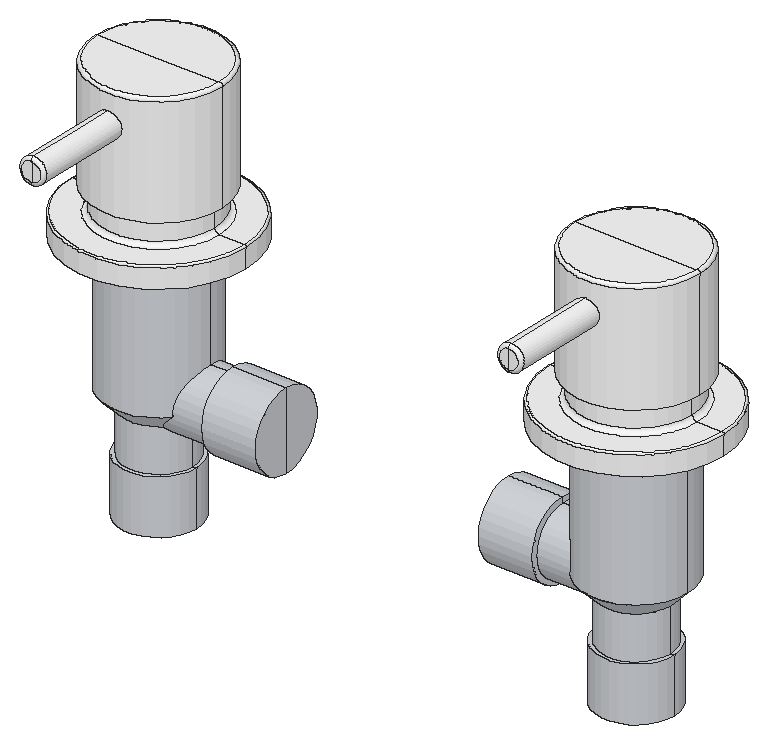
Revit family "Reece_Tap_Mizu_Drift_Basin Top Assemblies", category Plumbing Fixtures, host Face, Revit 2018
Family settings
  Host = Face
  Round Connector Dimension = Use Diameter
  Part Type = Normal
  Cut with Voids When Loaded = No
  Shared = Yes
  Room Calculation Point = Yes
Parameters (values of type "Chrome")
  WFU = 0  # constant formula
  URL = "https://www.reece.com.au/product/-9505290"
  Type Comments = "Tap"
  Reece_Tap_Inlet = 12 mm  # constant formula
  Reece_Product_Web Page = "https://www.reece.com.au/product/-9505290"
  Reece_Product_Type = "Tap"
  Reece_Product_Sub Brand = "Drift"
  Reece_Product_Number = "9505290"
  Reece_Product_Mount = "Hob Mounted"
  Reece_Product_Description = "Mizu Drift Basin Top Assemblies Chrome"
  Reece_Product_Brand = "Mizu"
  Reece_Material_Main = Reece_Brass_Chrome
  Reece_Detail_Shape = ""
  Reece_Detail_Installation = ""
  Reece_Detail_Disclaimer = "THIS FILE IS THE PROPERTY OF THE REECE GROUP. IT MAY NOT BE REPRODUCED, REVERSE-ENGINEERED OR MODIFIED. ANY REPUBLICATION, TRANSMISSION OR DISTRIBUTION FOR THE PURPOSE OF COMMERCIALLY EXPLOITING THE FILES IS PROHIBITED."  # constant formula
  Reece_Detail_Connector = ""
  Reece_Detail_Additional = ""
  Model = "Drift"
  Manufacturer = "Mizu"
  Keynote = "Product #9505290, Reece_Tap_Mizu_Drift_Basin Top Assemblies - Chrome"
  HWFU = 0  # constant formula
  Disclaimer = "THIS FILE IS THE PROPERTY OF THE REECE GROUP. IT MAY NOT BE REPRODUCED, REVERSE-ENGINEERED OR MODIFIED. ANY REPUBLICATION, TRANSMISSION OR DISTRIBUTION FOR THE PURPOSE OF COMMERCIALLY EXPLOITING THE FILES IS PROHIBITED."  # constant formula
  Description = "Basin Top Assemblies"
  Default Elevation = 1000 mm
  CWFU = 0  # constant formula
Reference planes
  plane 1 "Center (Front/Back)": y = 0
  plane 2 "Bottom": z = 0
  plane 3 "Center (Left/Right)": x = 0
Forms (mm)
  Revolve 1, solid, material "Reece_Brass_Chrome" <- "Reece_Material_Main"
    sketch origin (-75, 2, 7.13) x (0, 1, 0) y (0, 0, 1)
      loop
        line (17.09, 35.87) -> (17.09, 31.37) -> (19.7, 31.37)
        arc (19.7, 31.37) -> (19.517, 33.431) -> (18.974, 35.428) r 11.7
        arc (18.974, 35.428) -> (18.726, 35.748) -> (18.34, 35.87) r 0.676
        line (18.34, 35.87) -> (17.09, 35.87)
      axis (17.09, 31.37) -> (19.7, 31.37)
    angle from 0 to 360
  Revolve 2, solid, material "Reece_Brass_Chrome" <- "Reece_Material_Main"
    sketch origin (-75, 24.159, 5.094) x (0, 0.990268, 0.139173) y (0, -0.139173, 0.990268)
      loop
        line (-68.646, 44.386) -> (-30.427, 39.015) -> (-29.982, 42.184) -> (-30.662, 43.087) -> (-67.099, 48.208)
        arc (-67.099, 48.208) -> (-67.84, 48.017) -> (-68.229, 47.357) r 1
        line (-68.229, 47.357) -> (-68.646, 44.386)
      axis (-30.427, 39.015) -> (-68.646, 44.386)
    angle from 0 to 360
  Revolve 3, solid, material "Reece_Brass_Chrome" <- "Reece_Material_Main"
    sketch origin (-75, 0, -0.505) x (-1, 0, 0) y (0, 0, 1)
      loop
        line (-20, 15.005) -> (-18.5, 15.005) -> (-18.5, 30) -> (0, 30) -> (0, 50) -> (-19, 50)
        arc (-19, 50) -> (-19.707, 49.707) -> (-20, 49) r 1
        line (-20, 49) -> (-20, 15.005)
      axis (0, 50) -> (0, 15.005)
    angle from 0 to 360
  Revolve 4, solid
    sketch origin (-75, 0, 39.985) x (-1, 0, 0) y (0, 0, 1)
      loop
        line (0, -69.367) -> (0, -18.985) -> (-15, -18.985) -> (-15, -39.985) -> (-10.68, -39.985) -> (-14.25, -42.485) -> (-14.25, -52.485) -> (-11.3, -52.485) -> (-11.3, -57.385) -> (-9.2, -59.485) -> (-9.2, -69.367) -> (0, -69.367)
      axis (0, -69.367) -> (0, -18.985)
    angle from 0 to 360
  Revolve 5, void
    sketch origin (-75, 0, -167.856) x (0, 1, 0) y (0, 0, -1)
      loop
        line (20.568, -206.356) -> (17.434, -206.356) -> (17.434, -210.856) -> (20.568, -210.856) -> (20.568, -206.356)
      axis (20.568, -206.356) -> (17.434, -206.356)
    angle from 0 to 360
  Revolve 6, void
    sketch origin (-75, 0, 0) x (0, 1, 0) y (0, 0, 1)
      loop
        line (-21.2, 2) -> (-21.2, -38) -> (0, -38) -> (0, 2) -> (-21.2, 2)
      axis (0, 2) -> (0, -38)
    angle from 0 to 360
  Revolve 7, solid, material "Reece_Brass_Chrome" <- "Reece_Material_Main"
    sketch origin (-75, 0, 0.2) x (-1, 0, 0) y (0, 0, 1)
      loop
        line (-27.5, 5.8) -> (-27.5, -0.2) -> (-21.2, -0.2) -> (-21.2, 4.8) -> (-16, 4.8) -> (-16, 28.3) -> (-17.5, 28.3) -> (-17.5, 7.8)
        arc (-17.5, 7.8) -> (-17.939, 6.739) -> (-19, 6.3) r 1.5
        line (-19, 6.3) -> (-27, 6.3)
        arc (-27, 6.3) -> (-27.354, 6.154) -> (-27.5, 5.8) r 0.5
      axis (0, 28.3) -> (0, -0.2)
    angle from 0 to 360
  Revolve 8, solid, material "Reece_Brass_Chrome" <- "Reece_Material_Main"
    sketch origin (75, 2, 7.13) x (0, 1, 0) y (0, 0, -1)
      loop
        line (17.09, -35.87) -> (18.34, -35.87)
        arc (18.34, -35.87) -> (18.726, -35.748) -> (18.974, -35.428) r 0.676
        arc (18.974, -35.428) -> (19.517, -33.431) -> (19.7, -31.37) r 11.7
        line (19.7, -31.37) -> (17.09, -31.37) -> (17.09, -35.87)
      axis (17.09, -31.37) -> (19.7, -31.37)
    angle from 0 to 360
  Revolve 9, solid, material "Reece_Brass_Chrome" <- "Reece_Material_Main"
    sketch origin (75, 24.159, 5.094) x (0, 0.990268, 0.139173) y (0, 0.139173, -0.990268)
      loop
        line (-68.646, -44.386) -> (-68.229, -47.357)
        arc (-68.229, -47.357) -> (-67.84, -48.017) -> (-67.099, -48.208) r 1
        line (-67.099, -48.208) -> (-30.662, -43.087) -> (-29.982, -42.184) -> (-30.427, -39.015) -> (-68.646, -44.386)
      axis (-30.427, -39.015) -> (-68.646, -44.386)
    angle from 0 to 360
  Revolve 10, solid, material "Reece_Brass_Chrome" <- "Reece_Material_Main"
    sketch origin (75, 0, -0.505) x (1, 0, 0) y (0, 0, -1)
      loop
        line (-20, -15.005) -> (-20, -49)
        arc (-20, -49) -> (-19.707, -49.707) -> (-19, -50) r 1
        line (-19, -50) -> (0, -50) -> (0, -30) -> (-18.5, -30) -> (-18.5, -15.005) -> (-20, -15.005)
      axis (0, -50) -> (0, -15.005)
    angle from 0 to 360
  Revolve 11, void
    sketch origin (75, 0, -167.856) x (0, 1, 0) y (0, 0, 1)
      loop
        line (20.568, 206.356) -> (20.568, 210.856) -> (17.434, 210.856) -> (17.434, 206.356) -> (20.568, 206.356)
      axis (20.568, 206.356) -> (17.434, 206.356)
    angle from 0 to 360
  Revolve 12, solid, material "Reece_Brass_Chrome" <- "Reece_Material_Main"
    sketch origin (75, 0, 0.2) x (1, 0, 0) y (0, 0, -1)
      loop
        arc (-27.5, -5.8) -> (-27.354, -6.154) -> (-27, -6.3) r 0.5
        line (-27, -6.3) -> (-19, -6.3)
        arc (-19, -6.3) -> (-17.939, -6.739) -> (-17.5, -7.8) r 1.5
        line (-17.5, -7.8) -> (-17.5, -28.3) -> (-16, -28.3) -> (-16, -4.8) -> (-21.2, -4.8) -> (-21.2, 0.2) -> (-27.5, 0.2) -> (-27.5, -5.8)
      axis (0, -28.3) -> (0, 0.2)
    angle from 0 to 360
  Revolve 13, void
    sketch origin (75, 0, 0) x (0, 1, 0) y (0, 0, -1)
      loop
        line (-21.2, -2) -> (0, -2) -> (0, 38) -> (-21.2, 38) -> (-21.2, -2)
      axis (0, -2) -> (0, 38)
    angle from 0 to 360
  Revolve 14, solid
    sketch origin (-75, 0, 45.985) x (-1, 0, 0) y (0, 0, 1)
      loop
        line (12, -124.485) -> (12, -107.485) -> (10.75, -107.485) -> (10.75, -93.985) -> (16.25, -88.485) -> (16.25, -45.985) -> (15, -45.985) -> (15, -58.485) -> (12.5, -58.485) -> (12.5, -75.367) -> (0, -75.367) -> (0, -124.485) -> (12, -124.485)
      axis (0, -124.485) -> (0, -45.985)
    angle from 0 to 360
  Revolve 15, solid
    sketch origin (0, 0, 6) x (1, 0, 0) y (0, 0, 1)
      loop
        line (-51.848, -35.2) -> (-51.848, -36.9) -> (-73.757, -36.9) -> (-73.757, -47.2) -> (-35, -47.2) -> (-35, -35.2) -> (-51.848, -35.2)
      axis (-73.757, -47.2) -> (-35, -47.2)
    angle from 0 to 360
  Revolve 16, solid
    sketch origin (75, 0, 39.985) x (1, 0, 0) y (0, 0, -1)
      loop
        line (0, 69.367) -> (-9.2, 69.367) -> (-9.2, 59.485) -> (-11.3, 57.385) -> (-11.3, 52.485) -> (-14.25, 52.485) -> (-14.25, 42.485) -> (-10.68, 39.985) -> (-15, 39.985) -> (-15, 18.985) -> (0, 18.985) -> (0, 69.367)
      axis (0, 69.367) -> (0, 18.985)
    angle from 0 to 360
  Revolve 17, solid
    sketch origin (75, 0, 45.985) x (1, 0, 0) y (0, 0, -1)
      loop
        line (12, 124.485) -> (0, 124.485) -> (0, 75.367) -> (12.5, 75.367) -> (12.5, 58.485) -> (15, 58.485) -> (15, 45.985) -> (16.25, 45.985) -> (16.25, 88.485) -> (10.75, 93.985) -> (10.75, 107.485) -> (12, 107.485) -> (12, 124.485)
      axis (0, 124.485) -> (0, 45.985)
    angle from 0 to 360
  Revolve 18, solid
    sketch origin (0, 0, 6) x (-1, 0, 0) y (0, 0, 1)
      loop
        line (-51.848, -35.2) -> (-51.848, -36.9) -> (-73.757, -36.9) -> (-73.757, -47.2) -> (-35, -47.2) -> (-35, -35.2) -> (-51.848, -35.2)
      axis (-73.757, -47.2) -> (-35, -47.2)
    angle from 0 to 360
Cuts and joins
  Revolve 11 cuts Revolve 2
  Revolve 5, Revolve 11 cuts Revolve 3
  joined: Revolve 2, Revolve 3
  Revolve 11 cuts Revolve 10
  joined: Revolve 9, Revolve 10
  Revolve 13 cuts Revolve 4
  Revolve 13 cuts Revolve 7
  joined: Revolve 14, Revolve 15
  joined: Revolve 17, Revolve 18
Text (mm)
  text "Reece Copyright © 2018, Reece Ltd." at (-1403.988, -1192.393, 0), in view "Ref. Level"
  text "Reece ©" at (44.384, 258.95, 192.345), in view "Reece Preview"
Dimensions and locks
  locked: Revolve 2 sketch curve to Revolve 2 sketch curve at 4
  Revolve 6 sketch curve to Revolve 6 sketch curve = 21.2 mm
  Revolve 7 sketch curve to Revolve 7 sketch curve = 27.5 mm
  locked: Revolve 9 sketch curve to Revolve 9 sketch curve at 4
  Revolve 12 sketch curve to Revolve 12 sketch curve = 27.5 mm
  Revolve 13 sketch curve to Revolve 13 sketch curve = 21.2 mm
  aligned and locked: plane 2 "Bottom" to host face
  aligned and locked: level to host face
Connectors
  piping at (-75, 0, -78.5), diameter 12, driven by "Reece_Tap_Inlet"
    settings: on cut or joined group of Revolve 14, Revolve 15, index 1, connector inside diameter 609.6 mm, connector length 0 mm, flow factor 0, pipe flow 0.0 L/s, pressure drop 0.0 Pa, fitting loss kfactor 0, connector angle 0.00°, fixture units 0, engagement length 0 mm, angle of deflection 0.00°, flow configuration 0, flow direction 1, fitting loss method 0, system type 7, joint type 0, gender type 0, connector reference index -1, connector utility 0, adjustable connector no, is connector primary yes, connector description ""
  piping at (-75, 0, -78.5), diameter 12, driven by "Reece_Tap_Inlet"
    settings: on cut or joined group of Revolve 14, Revolve 15, index 2, connector inside diameter 609.6 mm, connector length 0 mm, flow factor 0, pipe flow 0.0 L/s, pressure drop 0.0 Pa, fitting loss kfactor 0, connector angle 0.00°, fixture units 0, engagement length 0 mm, angle of deflection 0.00°, flow configuration 0, flow direction 1, fitting loss method 0, system type 7, joint type 0, gender type 0, connector reference index -1, connector utility 0, adjustable connector no, is connector primary no, connector description ""
  piping at (75, 0, -78.5), diameter 12, driven by "Reece_Tap_Inlet"
    settings: on cut or joined group of Revolve 17, Revolve 18, index 3, connector inside diameter 609.6 mm, connector length 0 mm, flow factor 0, pipe flow 0.0 L/s, pressure drop 0.0 Pa, fitting loss kfactor 0, connector angle 0.00°, fixture units 0, engagement length 0 mm, angle of deflection 0.00°, flow configuration 0, flow direction 0, fitting loss method 0, system type 7, joint type 0, gender type 0, connector reference index -1, connector utility 0, adjustable connector no, is connector primary no, connector description ""
